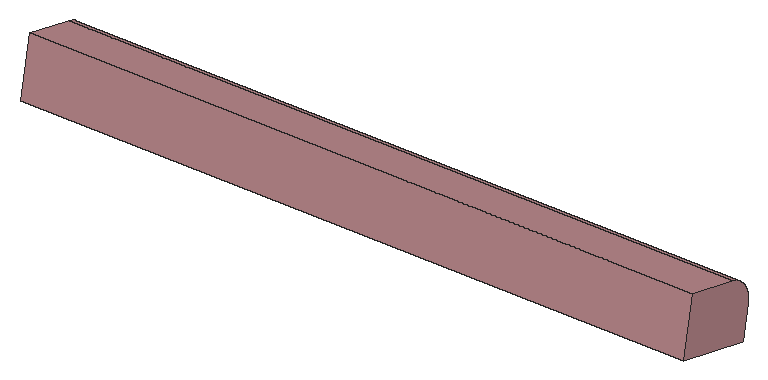
Revit family "WAC_A3-Cill Brick-Sloping-Bullnose-(UK0)", category Generic Models, host Wall, Revit 2016
Family settings
  Host = Wall
  Part Type = Undefined
  Can host rebar = No
  Round Connector Dimension = Use Diameter
  Always vertical = Yes
  Cut with Voids When Loaded = No
  Shared = No
  Room Calculation Point = No
Parameters (values of type "102mm Deep 45mm Radius")
  Opening Width [instance] = 1210.0 mm
  Material Cill = Masonry - Brickwork Cill
  Cill Height [instance] = 910.0 mm
  Cill/Lintol Length [instance] = Opening Width + 2 * (Cill Lintol Bearing)  # 1210.0 mm
  Cill Lintol Bearing = 0.0 mm
Reference planes
  plane 1 "Wall": y = -11.298
  plane 2 "Center (Left/Right)": x = 161.814
  plane 3 "Back": y = 138.702
  plane 4 "U/S Lintol": z = 910
  plane 5: x = 766.814
  plane 6: x = -443.186
  plane 7: x = 766.814
  plane 8: x = -443.186
  plane 9: y = 143.702
  plane 10: y = 41.202
Forms (mm)
  Extrusion 1, solid, material "Masonry - Brickwork Cill" <- "Material Cill"
    sketch origin (161.814, 0, 2.703) x (0, 1, 0) y (0, 0, 1)
      loop
        line (53.918, 907.297) -> (32.607, 807.037) -> (166.613, 778.553) -> (178.568, 834.797)
        arc (178.568, 834.797) -> (172.292, 868.661) -> (143.907, 888.169) r 45
        line (143.907, 888.169) -> (53.918, 907.297)
    from -605 to 605
  Extrusion 2, void
    sketch origin (161.814, 0, 0) x (0, -1, 0) y (0, 0, 1)
      loop
        line (-138.702, 787.189) -> (-41.202, 807.913) -> (-41.202, 910) -> (-138.702, 910) -> (-138.702, 787.189)
    from -605 to 605
Text (mm)
  text "Placement side" at (-1848.837, 1116.779, 0), in view "Ref. Level"
  text "Placement side" at (0, 1409.804, 2854.306), in view "Left"
  text "Placement side" at (0, 499.811, 2980.732), in view "Right"
Dimensions and locks
  locked: plane 3 "Back" to host wall
  equal spacing: plane 5, plane 2 "Center (Left/Right)", plane 6
  "Opening Width": plane 5 to plane 6
  "Cill Lintol Bearing": plane 7 to plane 5
  "Cill Lintol Bearing": plane 6 to plane 8
  "Cill Height": level to plane 4 "U/S Lintol"
  locked: plane 3 "Back" to plane 9 at 5
  locked: plane 10 to plane 9 at 102.5
  Extrusion 1 sketch curve to Extrusion 1 sketch curve = 137.0 mm
  Extrusion 1 sketch curve to Extrusion 1 sketch curve = 102.5 mm
  radius of Extrusion 1 sketch curve = 45.0 mm
  aligned and locked: plane 1 "Wall" to host wall
  aligned and locked: plane 3 "Back" to Extrusion 2 sketch curve
  aligned and locked: plane 10 to Extrusion 2 sketch curve
  aligned and locked: plane 4 "U/S Lintol" to Extrusion 2 sketch curve
  aligned and locked: plane 7 to Extrusion 2
  aligned and locked: Extrusion 2 to plane 8
  aligned and locked: plane 7 to Extrusion 1
  aligned and locked: Extrusion 1 to plane 8
  aligned and locked: Extrusion 2 sketch curve to Extrusion 1
Automatic sketch dimensions
  Extrusion 1 sketch curve to plane 10 = 8.595 mm
  Extrusion 1 sketch curve to plane 4 "U/S Lintol" = 0.0 mm
  Extrusion 1 sketch curve to plane 9 = 9.151 mm
  host wall to Extrusion 1 sketch curve = 5.205 mm
  Extrusion 1 sketch curve to Extrusion 1 sketch curve = 11.955 mm
